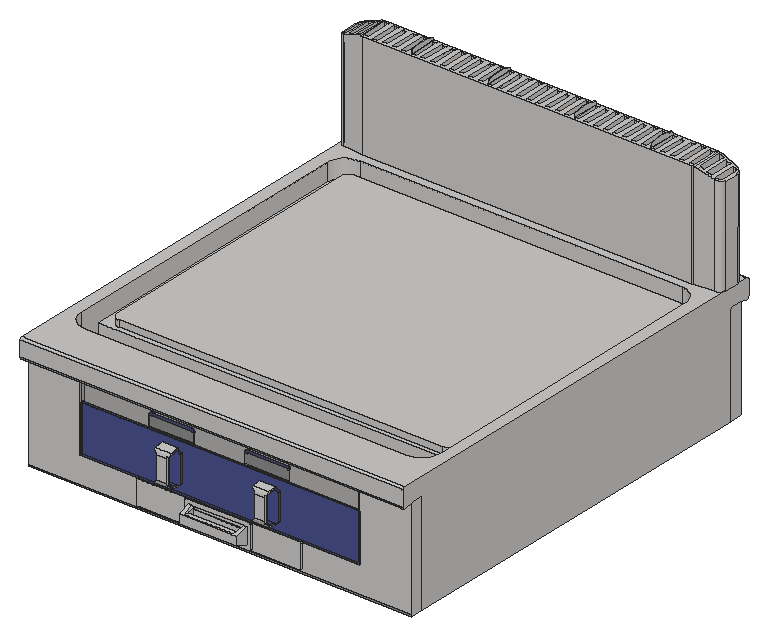
Revit family "QF_ELECTROLUXPROFESSIONAL_593318_MCHMAADOVO", category Specialty Equipment, Revit 2018
Family settings
  Round Connector Dimension = Use Diameter
  Part Type = Normal
  Work Plane-Based = No
  Always vertical = Yes
  Cut with Voids When Loaded = No
  Shared = No
  Room Calculation Point = No
Parameters (values of type "Standard")
  Weight = 69.00 kg
  Watts = 0 W
  Volts = 0 V
  URL Manufacturer = "http://professional.electrolux.com"
  URL = "http://professional.electrolux.com"
  Steam Supply Size = 0"
  Steam Supply Minimum Pressure = 0.00 psi
  Steam Supply Maximum Pressure = 0.00 psi
  Steam Pounds per Hour = 0
  Show Clearance [instance] = yes
  Refrigeration Suction Line Size = 0 mm
  Refrigeration Liquid Line Size = 0 mm
  Refrigerant Compressor Remote = yes
  Phase = 0
  Model = "MCHMAADOVO"
  Manufacturer = "Electrolux Professional"
  Length Actual = 400 mm  # constant formula
  Item Number = "593318"
  Hot Water Size = 0"
  Height Actual = 250 mm  # constant formula
  HP = "0 HP"
  Gas Size = 1/2"
  Gas KW = 10
  Gas Input Pressure = 0.817856 Btu/h
  Direct Waste Size = 0"
  Description = "GAS FRYTOP,SMT,TOWNGAS,1Z,400X900X250"
  Depth Actual = 900 mm  # constant formula
  Cycle = 0 Hz
  Condensate Return Size = 0"
  Compressed Air Volume = 0 GPM
  Compressed Air Size = 0"
  Compressed Air Pressure = 0.00 psi
  Cold Water Size = 0"
  Back Panel [instance] = yes
  Accessory = yes
Reference planes
  plane 1 "BACK": y = 0
  plane 2: z = 0
  plane 3 "LEFT": x = 0
  plane 4 "RIGHT": x = 800
  plane 5 "FRONT": y = -900
  plane 6 "TOP": z = 250
  plane 7: x = 400
  plane 8: y = -450
  plane 9: z = 481
  plane 10: y = -1330
Forms (mm)
  Extrusion 1, solid, material "QF_Finishes_Stainless Steel"
    sketch origin (0, -487.128, 0) x (0, 1, 0) y (0, 0, 1)
      loop
        line (483.128, 250) -> (-408.872, 250)
        arc (-408.872, 250) -> (-411.7, 248.828) -> (-412.872, 246) r 4
        line (-412.872, 246) -> (-412.872, 214)
        arc (-412.872, 214) -> (-411.443, 210.936) -> (-408.177, 210.061) r 4
        line (-408.177, 210.061) -> (-391.509, 213) -> (-366.872, 213) -> (-366.872, 0) -> (441.128, 0) -> (441.128, 213) -> (465.765, 213) -> (482.433, 210.061)
        arc (482.433, 210.061) -> (485.699, 210.936) -> (487.128, 214) r 4
        line (487.128, 214) -> (487.128, 246)
        arc (487.128, 246) -> (485.956, 248.828) -> (483.128, 250) r 4
    from 0 to 800
  Extrusion 2, solid, material "QF_Finishes_Stainless Steel", visible <- "Back Panel"
    sketch origin (0, 0, 0) x (0, 1, 0) y (0, 0, 1)
      loop
        line (-46, 0) -> (-20, 0) -> (-20, 213) -> (-46, 213) -> (-46, 0)
    from 0 to 800
  Extrusion 3, void
    sketch origin (653.786, 44.048, 250) x (1, 0, 0) y (0, -1, 0)
      loop
        line (-590.636, 138.048) -> (83.064, 138.048)
        arc (83.064, 138.048) -> (110.04, 149.222) -> (121.214, 176.198) r 38.15
        line (121.214, 176.198) -> (121.214, 816.572)
        arc (121.214, 816.572) -> (109.944, 843.779) -> (82.737, 855.048) r 38.476
        line (82.737, 855.048) -> (-591.786, 855.048)
        arc (-591.786, 855.048) -> (-617.949, 844.211) -> (-628.786, 818.048) r 37
        line (-628.786, 818.048) -> (-628.786, 176.198)
        arc (-628.786, 176.198) -> (-617.613, 149.222) -> (-590.636, 138.048) r 38.15
    from 0 to 37
  Extrusion 4, void
    sketch origin (1307.573, 92.096, 213) x (0, 1, 0) y (1, 0, 0)
      loop
        line (-821.846, -532.573) -> (-864.62, -532.573)
        arc (-864.62, -532.573) -> (-891.827, -543.842) -> (-903.096, -571.049) r 38.476
        line (-903.096, -571.049) -> (-903.096, -1245.573)
        arc (-903.096, -1245.573) -> (-892.259, -1271.736) -> (-866.096, -1282.573) r 37
        line (-866.096, -1282.573) -> (-821.846, -1282.573) -> (-821.846, -532.573)
    from 0 to 25.6
  Extrusion 5, void
    sketch origin (1612.573, 92.096, 187.4) x (-1, 0, 0) y (0, 1, 0)
      loop
        circle (1212.573, -862.096) r 22.248
    from 0 to 92
  Extrusion 6, solid, material "QF_Finishes_Stainless Steel"
    sketch origin (0, -854, 0) x (1, 0, 0) y (0, -1, 0)
      loop
        circle (765, -264) r 6.35
    from 0 to 3.2
  Extrusion 7, solid, material "QF_Door-Drawer Clearances", visible <- "Show Clearance", detail levels coarse
    sketch origin (437.31, -881.593, 8.62) x (0, 0, 1) y (-1, 0, 0)
      loop
        line (1.973, -134.295) -> (49.317, -134.295)
        arc (49.317, -134.295) -> (50.776, -133.691) -> (51.38, -132.232) r 2.063
        line (51.38, -132.232) -> (51.38, 206.852)
        arc (51.38, 206.852) -> (50.88, 208.549) -> (49.541, 209.705) r 3.133
        line (49.541, 209.705) -> (3.067, 209.705)
        arc (3.067, 209.705) -> (0.898, 208.807) -> (0, 206.638) r 3.067
        line (0, 206.638) -> (0, -132.322)
        arc (0, -132.322) -> (0.578, -133.717) -> (1.973, -134.295) r 1.973
    from 0 to 448.407
  Extrusion 8, solid, material "QF_Finishes_Stainless Steel"
    sketch origin (653.786, 44.048, 213) x (1, 0, 0) y (0, 1, 0)
      loop
        line (-608.786, -166.361) -> (-608.786, -745.485)
        arc (-608.786, -745.485) -> (-603.47, -758.319) -> (-590.636, -763.635) r 18.15
        line (-590.636, -763.635) -> (83.064, -763.635)
        arc (83.064, -763.635) -> (95.898, -758.319) -> (101.214, -745.485) r 18.15
        line (101.214, -745.485) -> (101.214, -166.361)
        arc (101.214, -166.361) -> (95.898, -153.527) -> (83.064, -148.211) r 18.15
        line (83.064, -148.211) -> (-590.636, -148.211)
        arc (-590.636, -148.211) -> (-603.47, -153.527) -> (-608.786, -166.361) r 18.15
    from 0 to 13.3
  Extrusion 9, solid, material "QF_Clearances", visible <- "Show Clearance", detail levels coarse
    sketch origin (-178.969, -4572, 0) x (-1, 0, 0) y (0, -1, 0)
      loop
        line (-78.969, -3672) -> (-178.969, -3672) -> (-178.969, -4572) -> (-978.969, -4572) -> (-978.969, -3672) -> (-1078.969, -3672) -> (-1078.969, -4672) -> (-78.969, -4672) -> (-78.969, -3672)
    from 0 to 250
Cuts and joins
  Extrusion 3, Extrusion 4, Extrusion 5 cuts Extrusion 1
Lines and regions (mm)
  symbolic lines
    curve 1: line (493.666, -902.326, 0) -> (493.666, -900, 0)
    curve 2: spline (499.334, -903.73, 0) -> (498.856, -903.657, 0) -> (498.378, -903.575, 0) -> (497.901, -903.486, 0) -> (497.425, -903.389, 0) -> (496.95, -903.283, 0) -> (496.476, -903.17, 0) -> (496.004, -903.049, 0) -> (495.533, -902.92, 0) -> (495.064, -902.783, 0) -> (494.596, -902.638, 0) -> (494.13, -902.486, 0) -> (493.666, -902.326, 0)
    curve 3: line (525.881, -902.326, 0) -> (525.881, -900, 0)
    curve 4: spline (525.881, -902.326, 0) -> (525.417, -902.486, 0) -> (524.951, -902.638, 0) -> (524.483, -902.783, 0) -> (524.014, -902.92, 0) -> (523.543, -903.049, 0) -> (523.071, -903.17, 0) -> (522.597, -903.283, 0) -> (522.122, -903.389, 0) -> (521.646, -903.486, 0) -> (521.169, -903.575, 0) -> (520.691, -903.657, 0) -> (520.213, -903.73, 0)
    curve 5: line (499.334, -903.73, 0) -> (520.213, -903.73, 0)
    curve 6: line (25, -774, 0) -> (25, -132.15, 0)
    curve 7: arc (25, -132.15, 0) -> (36.174, -105.174, 0) -> (63.15, -94, 0) r 38.15
    curve 8: line (63.15, -94, 0) -> (736.85, -94, 0)
    curve 9: arc (736.85, -94, 0) -> (763.826, -105.174, 0) -> (775, -132.15, 0) r 38.15
    curve 10: line (775, -132.15, 0) -> (775, -772.524, 0)
    curve 11: arc (775, -772.524, 0) -> (763.731, -799.731, 0) -> (736.524, -811, 0) r 38.476
    curve 12: line (736.524, -811, 0) -> (62, -811, 0)
    curve 13: arc (62, -811, 0) -> (35.837, -800.163, 0) -> (25, -774, 0) r 37
    curve 14: line (775, -729.75, 0) -> (25, -729.75, 0)
    curve 15: circle (400, -770, 0) r 22.248 normal (0, 0, -1)
    curve 16: line (0, 0, 0) -> (800, 0, 0)
    curve 17: line (0, -900, 0) -> (0, 0, 0)
    curve 18: line (800, -900, 0) -> (0, -900, 0)
    curve 19: line (800, 0, 0) -> (800, -900, 0)
    curve 20: line (347.608, -908.767, 0) -> (450.042, -908.767, 0)
    curve 21: line (450.042, -908.767, 0) -> (451.588, -900, 0)
    curve 22: line (347.608, -908.767, 0) -> (346.062, -900, 0)
  symbolic lines, style "QF_Door-Drawer Clearances"
    curve 23: line (227.605, -1330, 0) -> (227.605, -900, 0)
    curve 24: line (227.605, -1330, 0) -> (571.605, -1330, 0)
    curve 25: line (571.605, -1330, 0) -> (571.605, -900, 0)
  symbolic lines, style "SpecialityEquipment"
    curve 26: line (755, -701.437, 0) -> (755, -122.313, 0)
    curve 27: arc (755, -122.313, 0) -> (749.684, -109.479, 0) -> (736.85, -104.163, 0) r 18.15
    curve 28: line (736.85, -104.163, 0) -> (63.15, -104.163, 0)
    curve 29: arc (63.15, -104.163, 0) -> (50.316, -109.479, 0) -> (45, -122.313, 0) r 18.15
    curve 30: line (45, -122.313, 0) -> (45, -701.437, 0)
    curve 31: arc (45, -701.437, 0) -> (50.316, -714.271, 0) -> (63.15, -719.587, 0) r 18.15
    curve 32: line (63.15, -719.587, 0) -> (736.85, -719.587, 0)
    curve 33: arc (736.85, -719.587, 0) -> (749.684, -714.271, 0) -> (755, -701.437, 0) r 18.15
  symbolic lines, style "QF_Clearances", visible <- "Show Clearance", detail levels coarse
    curve 34: line (-100, 100, 0) -> (-100, -900, 0)
    curve 35: line (900, 100, 0) -> (-100, 100, 0)
    curve 36: line (900, -900, 0) -> (900, 100, 0)
Dimensions and locks
  plane 3 "LEFT" to plane 4 "RIGHT" = 800 mm
  plane 5 "FRONT" to plane 1 "BACK" = 900 mm
  equal spacing: plane 3 "LEFT", plane 7, plane 4 "RIGHT"
  equal spacing: plane 5 "FRONT", plane 8, plane 1 "BACK"
  plane 6 "TOP" to level = 250 mm  (x2)
  plane 1 "BACK" to plane 5 "FRONT" = 900 mm
  Extrusion 6 sketch curve to plane 1 "BACK" = 590 mm
  Extrusion 6 sketch curve to plane 4 "RIGHT" = 35 mm
  plane 5 "FRONT" to plane 10 = 430 mm
  plane 9 to plane 6 "TOP" = 231 mm
  plane 9 to level = 481 mm
  Extrusion 9 to plane 3 "LEFT" = 100 mm
  plane 4 "RIGHT" to Extrusion 9 = 100 mm
  plane 1 "BACK" to Extrusion 9 = 100 mm
  radius of Extrusion 8 sketch curve = 18.15 mm  (x4)
  aligned and locked: level to plane 2
  aligned and locked: Extrusion 7 to plane 10
  aligned and locked: plane 6 "TOP" to Extrusion 9
  aligned and locked: cut or joined group of Extrusion 1, Extrusion 3, Extrusion 4, Extrusion 5 to plane 4 "RIGHT"
  aligned and locked: Extrusion 2 to plane 4 "RIGHT"
  aligned and locked: plane 7 to nested 1
  aligned and locked: plane 7 to nested 2
Automatic sketch dimensions
  Extrusion 2 sketch curve to Extrusion 2 sketch curve = 26 mm
  plane 1 "BACK" to Extrusion 2 sketch curve = 20 mm
  Extrusion 1 to Extrusion 3 sketch curve = 90 mm
  Extrusion 1 to Extrusion 3 sketch curve = 122 mm
  Extrusion 1 to Extrusion 3 sketch curve = 25 mm
  Extrusion 3 sketch curve to Extrusion 3 sketch curve = 38.15 mm  (x2)
  Extrusion 1 to Extrusion 3 sketch curve = 123.476 mm
  Extrusion 1 to Extrusion 3 sketch curve = 85 mm
  Extrusion 3 sketch curve to Extrusion 3 sketch curve = 674.524 mm
  Extrusion 1 sketch curve to plane 5 "FRONT" = 0 mm
  Extrusion 1 sketch curve to plane 6 "TOP" = 0 mm
  Extrusion 1 sketch curve to level = 0 mm
  Extrusion 1 sketch curve to plane 1 "BACK" = 0 mm
  Extrusion 1 sketch curve to plane 6 "TOP" = 37 mm  (x2)
  Extrusion 1 sketch curve to plane 5 "FRONT" = 4 mm
  Extrusion 1 sketch curve to plane 5 "FRONT" = 21.363 mm
  Extrusion 1 sketch curve to plane 5 "FRONT" = 46 mm
  plane 1 "BACK" to Extrusion 1 sketch curve = 21.363 mm
  plane 1 "BACK" to Extrusion 1 sketch curve = 4 mm  (x2)
  Extrusion 1 sketch curve to Extrusion 1 sketch curve = 4 mm
  Extrusion 1 sketch curve to Extrusion 1 sketch curve = 0.695 mm
  Extrusion 1 sketch curve to Extrusion 1 sketch curve = 0 mm  (x4)
  plane 1 "BACK" to Extrusion 1 sketch curve = 4.695 mm
  Extrusion 1 sketch curve to Extrusion 1 sketch curve = 1 mm  (x2)
  plane 1 "BACK" to Extrusion 1 sketch curve = 46 mm
  Extrusion 4 sketch curve to Extrusion 3 = 81.25 mm
  Extrusion 3 to Extrusion 4 sketch curve = 0 mm  (x2)
  Extrusion 4 sketch curve to Extrusion 4 sketch curve = 37 mm
  Extrusion 4 sketch curve to Extrusion 4 sketch curve = 674.524 mm
  Extrusion 4 sketch curve to Extrusion 3 = 38.476 mm
  Extrusion 5 sketch curve to Extrusion 4 = 41 mm
  Extrusion 5 sketch curve to Extrusion 4 = 375 mm
  plane 1 "BACK" to curve 16 = 0 mm
  curve 16 to plane 4 "RIGHT" = 0 mm
  curve 23 to plane 10 = 0 mm
  curve 17 to plane 3 "LEFT" = 0 mm
  plane 5 "FRONT" to curve 25 = 0 mm
  plane 4 "RIGHT" to curve 10 = 25 mm
  curve 10 to curve 8 = 38.15 mm
  curve 11 to curve 12 = 38.476 mm
  plane 5 "FRONT" to curve 21 = 8.767 mm
  plane 5 "FRONT" to curve 3 = 2.326 mm
  plane 7 to curve 3 = 125.881 mm
  plane 5 "FRONT" to curve 5 = 3.73 mm
  curve 3 to curve 5 = 5.669 mm
  curve 5 to curve 22 = 172.605 mm
  curve 5 to curve 20 = 151.727 mm
  plane 5 "FRONT" to curve 1 = 2.326 mm
  curve 2 to curve 1 = 5.669 mm
  plane 3 "LEFT" to curve 8 = 63.15 mm
  plane 3 "LEFT" to curve 12 = 62 mm
  plane 3 "LEFT" to curve 23 = 227.605 mm
  plane 3 "LEFT" to curve 6 = 25 mm
  plane 4 "RIGHT" to curve 25 = 228.395 mm
  plane 5 "FRONT" to curve 4 = 4.032 mm
  curve 5 to curve 4 = 4.17 mm
  curve 4 to curve 22 = 169.98 mm
  curve 4 to curve 2 = 12.538 mm
  curve 15 to curve 13 = 338 mm
  plane 1 "BACK" to curve 8 = 94 mm
  curve 10 to plane 5 "FRONT" = 127.476 mm
  curve 14 to curve 13 = 44.25 mm
  curve 15 to curve 13 = 4 mm
  curve 2 to curve 4 = 0 mm
  Extrusion 8 sketch curve to Extrusion 3 = 20 mm
  Extrusion 8 sketch curve to Extrusion 3 = 91.413 mm
  Extrusion 8 sketch curve to Extrusion 3 = 38.15 mm
  Extrusion 8 sketch curve to Extrusion 3 = 28.313 mm
  plane 4 "RIGHT" to curve 26 = 45 mm
  plane 3 "LEFT" to curve 28 = 63.15 mm
  plane 1 "BACK" to curve 28 = 104.163 mm
  curve 28 to curve 8 = 0 mm
  curve 33 to curve 32 = 18.15 mm
  curve 32 to curve 14 = 38.15 mm
  curve 29 to curve 30 = 18.15 mm
  curve 30 to curve 14 = 28.313 mm
  plane 7 to curve 21 = 50.042 mm
  curve 21 to curve 20 = 1.546 mm
  plane 1 "BACK" to Extrusion 9 sketch curve = 0 mm
  plane 5 "FRONT" to Extrusion 9 sketch curve = 0 mm  (x2)
  Extrusion 9 sketch curve to plane 4 "RIGHT" = 100 mm
  Extrusion 9 sketch curve to plane 1 "BACK" = 100 mm
  Extrusion 9 sketch curve to plane 3 "LEFT" = 100 mm
  Extrusion 9 sketch curve to plane 3 "LEFT" = 0 mm
  Extrusion 9 sketch curve to plane 4 "RIGHT" = 0 mm
  curve 34 to plane 3 "LEFT" = 100 mm
  curve 34 to plane 1 "BACK" = 100 mm
  plane 5 "FRONT" to curve 34 = 0 mm
  curve 35 to plane 4 "RIGHT" = 100 mm
  plane 5 "FRONT" to curve 36 = 0 mm
  level to Extrusion 7 sketch curve = 8.62 mm
  level to Extrusion 7 sketch curve = 57.937 mm
  plane 7 to Extrusion 7 sketch curve = 171.605 mm
  Extrusion 7 sketch curve to Extrusion 7 sketch curve = 1.973 mm
  Extrusion 7 sketch curve to Extrusion 7 sketch curve = 3.067 mm
  Extrusion 7 sketch curve to Extrusion 7 sketch curve = 46.474 mm
  Extrusion 7 sketch curve to Extrusion 7 sketch curve = 2.063 mm
  Extrusion 7 sketch curve to Extrusion 7 sketch curve = 3.133 mm
  Extrusion 7 sketch curve to plane 7 = 169.328 mm
  Extrusion 2 sketch curve to level = 0 mm
  Extrusion 2 sketch curve to plane 6 "TOP" = 37 mm
  radius of Extrusion 5 sketch curve = 22.248 mm
  radius of Extrusion 6 sketch curve = 6.35 mm
  radius of curve 15 = 22.248 mm
Nested families
  nested 1: "GG_900_800 Front Panel with Center Grease Trap" at (0, -854, -650), type "GG_900_800 Front Panel with Center Grease Trap"
  nested 2: "GG_900_Backsplash for 800 fryer" at (388.888, -5, -635.571), type "GG_900_Backsplash for 800 fryer"
Connectors
  piping at (765, -590, -3.2), diameter 12.8
    settings: on Extrusion 6, index 1, connector inside diameter 0.50394", connector length 0 mm, flow factor 0, pipe flow 0 GPM, pressure drop 0.00 psi, fitting loss kfactor 0, connector angle 0.00°, fixture units 0, engagement length 0 mm, angle of deflection 0.00°, flow configuration 1, flow direction 1, fitting loss method 0, system type 7, joint type 0, gender type 0, connector reference index -1, connector utility 0, adjustable connector no, is connector primary yes, connector description "GAS CONNECTION"
Definition of nested family "GG_900_800 Front Panel with Center Grease Trap"
  Reference planes
    plane 1 "Center (Front/Back)": y = 0
    plane 2: z = 0
    plane 3 "Center (Left/Right)": x = 0
    plane 4: y = -26.492
    plane 5: x = 400
    plane 6: x = 522.091
    plane 7: x = 319.468
  Forms (mm)
    Extrusion 1, solid
      sketch origin (1033.217, 829.203, -1.25) x (0, 1, 0) y (0, 0, 1)
        loop
          arc (-854.203, 654.25) -> (-853.324, 652.129) -> (-851.203, 651.25) r 3
          line (-851.203, 651.25) -> (-829.203, 651.25) -> (-829.203, 864.25) -> (-854.203, 864.25) -> (-854.203, 654.25)
      from -1033.217 to -233.217
    Extrusion 2, void
      sketch origin (1033.217, 829.203, -1.25) x (1, 0, 0) y (0, 0, 1)
        loop
          line (-341.217, 853.25) -> (-925.217, 853.25) -> (-925.217, 711.25) -> (-341.217, 711.25) -> (-341.217, 853.25)
      from 843.409 to 854.203
  Cuts and joins
    Extrusion 2 cuts Extrusion 1
  Dimensions and locks
    cut or joined group of Extrusion 1, Extrusion 2 to cut or joined group of Extrusion 1, Extrusion 2 = 108 mm
    nested 2 to plane 3 "Center (Left/Right)" = 108 mm
    nested 2 to plane 3 "Center (Left/Right)" = 252.97 mm
    cut or joined group of Extrusion 1, Extrusion 2 to nested 2 = 253.275 mm
    cut or joined group of Extrusion 1, Extrusion 2 to nested 4 = 297.909 mm
    nested 3 to plane 3 "Center (Left/Right)" = 298.218 mm
    aligned and locked: nested 1 to nested 2
  Nested families
    nested 1: "grease trap door" at (467.599, -25, 0.608) x (-1, 0, 0) z (0, 0, 1), type "grease trap door"
    nested 2: "Long Glass Control Panel w-Two Reads" at (108, -25, 5.811), type "Long Glass Control Panel w-Two Reads"
    nested 3: "Range Control Handle" at (298.218, -28.137, -207.75), type "Range Control Handle"
    nested 4: "Range Control Handle" at (502.091, -28.137, -207.75), type "Range Control Handle"
  Definition of nested family "grease trap door"
    Reference planes
      plane 1 "Center (Front/Back)": y = 0
      plane 2: z = 0
      plane 3 "Center (Left/Right)": x = 0
    Forms (mm)
      Extrusion 1, solid
        sketch origin (1627.55, 854.203, -1.25) x (1, 0, 0) y (0, 0, 1)
          loop
            arc (-1627.55, 661.235) -> (-1626.972, 659.84) -> (-1625.577, 659.262) r 1.973
            line (-1625.577, 659.262) -> (-1494.325, 659.262)
            arc (-1494.325, 659.262) -> (-1492.156, 660.16) -> (-1491.258, 662.329) r 3.067
            line (-1491.258, 662.329) -> (-1491.258, 708.803)
            arc (-1491.258, 708.803) -> (-1492.414, 710.143) -> (-1494.111, 710.642) r 3.133
            line (-1494.111, 710.642) -> (-1625.486, 710.642)
            arc (-1625.486, 710.642) -> (-1626.945, 710.038) -> (-1627.55, 708.579) r 2.063
            line (-1627.55, 708.579) -> (-1627.55, 661.235)
        from 856.795 to 859.203
      Extrusion 2, solid
        sketch origin (445.874, 2476.61, 0) x (0, 1, 0) y (0, 0, 1)
          loop
            line (-2506.377, 675.273) -> (-2481.61, 667.505) -> (-2481.61, 700.995) -> (-2506.377, 693.227) -> (-2506.377, 675.273)
        from -437.68 to -317.68
      Extrusion 3, void
        sketch origin (1627.55, 854.203, -1.25) x (1, 0, 0) y (0, 0, 1)
          loop
            line (-1614.883, 703) -> (-1610.542, 695.433) -> (-1508.17, 695.433) -> (-1503.828, 703) -> (-1614.883, 703)
          loop
            line (-1614.883, 668) -> (-1502.669, 668) -> (-1507.01, 675.567) -> (-1610.542, 675.567) -> (-1614.883, 668)
        from 832.916 to 883.97
      Extrusion 4, void
        sketch origin (447.55, 854.203, -1.25) x (1, 0, 0) y (0, 0, 1)
          loop
            line (-430.542, 695.433) -> (-430.542, 675.567) -> (-328.17, 675.567) -> (-328.17, 695.433) -> (-430.542, 695.433)
        from 859.203 to 874.202
      Extrusion 5, solid
        sketch origin (1627.55, 854.203, -1.25) x (1, 0, 0) y (0, 0, 1)
          loop
            arc (-1731.556, 661.235) -> (-1730.978, 659.84) -> (-1729.583, 659.262) r 1.973
            line (-1729.583, 659.262) -> (-1390.623, 659.262)
            arc (-1390.623, 659.262) -> (-1388.454, 660.16) -> (-1387.556, 662.329) r 3.067
            line (-1387.556, 662.329) -> (-1387.556, 708.803)
            arc (-1387.556, 708.803) -> (-1388.712, 710.143) -> (-1390.409, 710.642) r 3.133
            line (-1390.409, 710.642) -> (-1729.493, 710.642)
            arc (-1729.493, 710.642) -> (-1730.952, 710.038) -> (-1731.556, 708.579) r 2.063
            line (-1731.556, 708.579) -> (-1731.556, 661.235)
        from 854.203 to 856.795
    Cuts and joins
      Extrusion 3 cuts Extrusion 1
      Extrusion 3, Extrusion 4 cuts Extrusion 2
      joined: Extrusion 1, Extrusion 2
    Lines and regions (mm)
      symbolic lines
        curve 1: line (0, -2.593, 0) -> (136.292, -2.593, 0)
        curve 2: line (17.557, -29.767, 0) -> (12.667, -2.593, 0)
        curve 3: line (17.557, -29.767, 0) -> (119.991, -29.767, 0)
        curve 4: line (119.991, -29.767, 0) -> (124.881, -2.593, 0)
        curve 5: line (68.146, -2.593, 0) -> (68.146, -29.767, 0)
      model lines
        curve 6: line (67.599, 0, 658.012) -> (67.599, 0, 709.392)
    Dimensions and locks
      aligned and locked: Extrusion 2 to Extrusion 1
      aligned and locked: Extrusion 3 to Extrusion 2
      aligned and locked: Extrusion 4 to Extrusion 1
  Definition of nested family "Long Glass Control Panel w-Two Reads"
    Reference planes
      plane 1 "Center (Front/Back)": y = 0
      plane 2: z = 0
      plane 3 "Center (Left/Right)": x = 0
      plane 4: x = 584
      plane 5: x = 581.091
      plane 6: x = 350
      plane 7: x = 233.749
      plane 8 "Top": z = 846.189
      plane 9 "Center": x = 292
    Forms (mm)
      Extrusion 1, solid
        sketch origin (550.286, 304.8, -4.308) x (1, 0, 0) y (0, 0, 1)
          loop
            line (-550.286, 806.791) -> (-550.286, 708.497) -> (33.714, 708.497) -> (33.714, 806.791) -> (-550.286, 806.791)
        from 300.031 to 304.8
      Extrusion 2, solid
        sketch origin (550.286, 304.8, -4.308) x (1, 0, 0) y (0, 0, 1)
          loop
            line (-550.286, 850.497) -> (-550.286, 806.791) -> (33.714, 806.791) -> (33.714, 850.497) -> (-550.286, 850.497)
        from 300.031 to 304.8
      Extrusion 3, solid
        sketch origin (550.286, 305.901, -4.308) x (1, 0, 0) y (0, 0, 1)
          loop
            line (-311.561, 812.62) -> (-311.561, 834.177) -> (-316.37, 834.177) -> (-318.169, 835.977) -> (-398.599, 835.977) -> (-400.399, 834.177) -> (-405.316, 834.177) -> (-405.316, 812.62) -> (-311.561, 812.62)
          loop
            line (-111.561, 812.62) -> (-111.561, 834.177) -> (-116.37, 834.177) -> (-118.169, 835.977) -> (-198.599, 835.977) -> (-200.399, 834.177) -> (-205.316, 834.177) -> (-205.316, 812.62) -> (-111.561, 812.62)
        from 304.798 to 306.745
      Extrusion 4, solid
        sketch origin (550.286, 305.901, -4.308) x (1, 0, 0) y (0, 0, 1)
          loop
            line (-318.121, 835.977) -> (-316.321, 834.177) -> (-311.611, 834.177)
            arc (-311.611, 834.177) -> (-312.787, 838.752) -> (-317.062, 840.763) r 5.549
            line (-317.062, 840.763) -> (-399.768, 840.763)
            arc (-399.768, 840.763) -> (-404.024, 838.747) -> (-405.16, 834.177) r 5.5
            line (-405.16, 834.177) -> (-400.351, 834.177) -> (-398.551, 835.977) -> (-318.121, 835.977)
          loop
            line (-200.222, 834.177) -> (-198.422, 835.977) -> (-117.993, 835.977) -> (-116.193, 834.177) -> (-111.482, 834.177)
            arc (-111.482, 834.177) -> (-112.659, 838.752) -> (-116.934, 840.763) r 5.549
            line (-116.934, 840.763) -> (-199.639, 840.763)
            arc (-199.639, 840.763) -> (-203.895, 838.747) -> (-205.031, 834.177) r 5.5
            line (-205.031, 834.177) -> (-200.222, 834.177)
        from 304.798 to 306.745
      Extrusion 5, void
        sketch origin (550.286, 304.8, -4.308) x (1, 0, 0) y (0, 0, 1)
          loop
            line (-547.628, 847.565) -> (-547.628, 710.699) -> (30.804, 710.699) -> (30.804, 847.565) -> (-547.628, 847.565)
        from 303.697 to 304.8
    Cuts and joins
      Extrusion 5 cuts Extrusion 1
      Extrusion 5 cuts Extrusion 2
      Extrusion 5 cuts Extrusion 3
      Extrusion 5 cuts Extrusion 4
    Lines and regions (mm)
      symbolic lines
        curve 1: line (0, 4.769, 0) -> (584, 4.769, 0)
    Dimensions and locks
      plane 4 to plane 3 "Center (Left/Right)" = 584 mm
      locked: plane 4 to plane 5 at 2.909
      plane 4 to plane 6 = 234 mm
      plane 7 to plane 3 "Center (Left/Right)" = 233.749 mm
      aligned and locked: Extrusion 1 to Extrusion 2
      aligned and locked: Extrusion 3 to Extrusion 4
  Definition of nested family "Range Control Handle"
    Reference planes
      plane 1 "Center (Front/Back)": y = 0
      plane 2: z = 0
      plane 3 "Center (Left/Right)": x = 0
      plane 4: z = 971.092
    Forms (mm)
      Extrusion 1, solid
        sketch origin (-746.28, 380.497, 208.931) x (-1, 0, 0) y (0, 0, 1)
          loop
            line (-770.101, 786.798) -> (-770.101, 731.649)
            arc (-770.101, 731.649) -> (-769.759, 730.563) -> (-768.855, 729.87) r 1.893
            line (-768.855, 729.87) -> (-763.474, 727.911) -> (-729.81, 727.911) -> (-724.428, 729.87)
            arc (-724.428, 729.87) -> (-723.525, 730.563) -> (-723.183, 731.649) r 1.893
            line (-723.183, 731.649) -> (-723.183, 786.798)
            arc (-723.183, 786.798) -> (-723.529, 787.894) -> (-724.44, 788.593) r 1.91
            line (-724.44, 788.593) -> (-729.683, 790.819) -> (-763.601, 790.819) -> (-768.844, 788.593)
            arc (-768.844, 788.593) -> (-769.755, 787.894) -> (-770.101, 786.798) r 1.91
        from -382.35 to -378.852
      Sweep 2, solid
        path origin (-746.788, 380.496, 208.091) x (0, -1, 0) y (0, 0, 1)
          loop
            line (379.775, 793.281) -> (395.661, 791.048)
            arc (395.661, 791.048) -> (397.781, 787.377) -> (398.517, 783.202) r 12.207
            line (398.517, 783.202) -> (398.517, 737.368)
            arc (398.517, 737.368) -> (397.781, 733.193) -> (395.661, 729.522) r 12.207
            line (395.661, 729.522) -> (379.775, 727.289)
        profile origin (-746.788, -7.222, 1000.256) x (0, -0.139173, 0.990268) y (-1, 0, 0)
          loop
            line (0.782, -763.123) -> (0.782, -730.907) -> (-1.322, -730.907) -> (-1.322, -763.123) -> (0.782, -763.123)
      Sweep 3, solid
        path origin (-746.788, 380.715, 207.832) x (0, -1, 0) y (0, 0, 1)
          loop
            line (380.478, 795.442) -> (397.218, 793.09)
            arc (397.218, 793.09) -> (399.929, 788.473) -> (400.871, 783.202) r 15.207
            line (400.871, 783.202) -> (400.871, 737.584)
            arc (400.871, 737.584) -> (399.914, 732.274) -> (397.164, 727.633) r 15.207
            line (397.164, 727.633) -> (380.601, 725.305)
        profile origin (-746.788, -8.132, 1002.099) x (0, -0.139173, 0.990268) y (-1, 0, 0)
          loop
            line (0.782, -763.123) -> (0.782, -730.907) -> (-1.322, -730.907) -> (-1.322, -763.123) -> (0.782, -763.123)
      Extrusion 4, void
        sketch origin (889.253, 220.666, 207.993) x (1, 0, 0) y (0, 0, 1)
          loop
            line (-943.038, 816.854) -> (-943.038, 703.686) -> (-899.466, 734.196) -> (-899.466, 786.344) -> (-943.038, 816.854)
        from 230.636 to 242.25
      Extrusion 5, void
        sketch origin (-888.8, 220.666, 207.993) x (-1, 0, 0) y (0, 0, -1)
          loop
            line (-943.038, -816.854) -> (-899.466, -786.344) -> (-899.466, -734.196) -> (-943.038, -703.686) -> (-943.038, -816.854)
        from 230.636 to 242.25
      Extrusion 6, solid
        sketch origin (0, 0, 0) x (1, 0, 0) y (0, 0, 1)
          loop
            circle (0, 971.092) r 7.736
        from -3.137 to -1.645
    Cuts and joins
      Extrusion 4, Extrusion 5 cuts Sweep 3
      Extrusion 4, Extrusion 5 cuts Sweep 2
      joined: Extrusion 1, Extrusion 6
    Lines and regions (mm)
      symbolic lines
        curve 1: line (23.821, 1.645, 0) -> (-23.097, 1.645, 0)
        curve 2: line (16.334, -1.853, 0) -> (23.821, -1.853, 0)
        curve 3: line (-15.881, -19.189, 0) -> (-15.881, -1.853, 0)
        curve 4: line (-23.097, -1.853, 0) -> (-15.881, -1.853, 0)
        curve 5: line (16.334, -19.189, 0) -> (16.334, -1.853, 0)
        curve 6: spline (-15.881, -19.189, 0) -> (-15.417, -19.349, 0) -> (-14.951, -19.501, 0) -> (-14.483, -19.646, 0) -> (-14.014, -19.783, 0) -> (-13.543, -19.912, 0) -> (-13.071, -20.033, 0) -> (-12.597, -20.146, 0) -> (-12.122, -20.251, 0) -> (-11.646, -20.349, 0) -> (-11.169, -20.438, 0) -> (-10.691, -20.52, 0) -> (-10.213, -20.593, 0)
        curve 7: spline (10.666, -20.593, 0) -> (11.144, -20.52, 0) -> (11.622, -20.438, 0) -> (12.099, -20.349, 0) -> (12.575, -20.251, 0) -> (13.05, -20.146, 0) -> (13.524, -20.033, 0) -> (13.996, -19.912, 0) -> (14.467, -19.783, 0) -> (14.936, -19.646, 0) -> (15.404, -19.501, 0) -> (15.87, -19.349, 0) -> (16.334, -19.189, 0)
        curve 8: line (-10.213, -20.938, 0) -> (10.716, -20.938, 0)
        curve 9: line (-23.097, 1.645, 0) -> (-23.097, -1.853, 0)
        curve 10: line (23.821, 1.645, 0) -> (23.821, -1.853, 0)
Definition of nested family "GG_900_Backsplash for 800 fryer"
  Reference planes
    plane 1 "Center (Front/Back)": y = 0
    plane 2: z = 0
    plane 3 "Center (Left/Right)": x = 11.112
    plane 4: x = -388.888
    plane 5: x = 411.112
    plane 6: y = -37.994
  Forms (mm)
    Extrusion 1, solid
      sketch origin (3208.371, -22.924, -275.679) x (1, 0, 0) y (0, 0, 1)
        loop
          line (-3597.259, 1365.162) -> (-3597.259, 1161.25) -> (-2797.259, 1161.25) -> (-2797.259, 1364.934) -> (-2841.553, 1381.055)
          arc (-2841.553, 1381.055) -> (-2844.994, 1381.949) -> (-2848.536, 1382.25) r 21
          line (-2848.536, 1382.25) -> (-3546.608, 1382.25)
          arc (-3546.608, 1382.25) -> (-3550.146, 1381.95) -> (-3553.582, 1381.058) r 21
          line (-3553.582, 1381.058) -> (-3597.259, 1365.162)
      from -17.885 to 48.024
    Extrusion 2, void
      sketch origin (3108.387, -925.98, -226.348) x (1, 0, 0) y (0, 1, 0)
        loop
          line (-3444.887, 915.362) -> (-3444.887, 861.502) -> (-3434.887, 861.502) -> (-3434.887, 915.362) -> (-3444.887, 915.362)
      from 1111.919 to 1332.919
    Extrusion 3, void
      sketch origin (3789.012, -925.98, -226.348) x (1, 0, 0) y (0, 1, 0)
        loop
          line (-3444.887, 915.362) -> (-3444.887, 861.502) -> (-3434.887, 861.502) -> (-3434.887, 915.362) -> (-3444.887, 915.362)
      from 1111.919 to 1332.919
    Extrusion 4, void
      sketch origin (3128.405, -925.98, -226.348) x (1, 0, 0) y (0, 1, 0)
        loop
          line (-3444.887, 915.362) -> (-3444.887, 861.502) -> (-3434.887, 861.502) -> (-3434.887, 915.362) -> (-3444.887, 915.362)
      from 1111.919 to 1332.919
    Extrusion 5, void
      sketch origin (3148.424, -925.98, -226.348) x (1, 0, 0) y (0, 1, 0)
        loop
          line (-3444.887, 915.362) -> (-3444.887, 861.502) -> (-3434.887, 861.502) -> (-3434.887, 915.362) -> (-3444.887, 915.362)
      from 1111.919 to 1332.919
    Extrusion 6, void
      sketch origin (3168.442, -925.98, -226.348) x (1, 0, 0) y (0, 1, 0)
        loop
          line (-3444.887, 915.362) -> (-3444.887, 861.502) -> (-3434.887, 861.502) -> (-3434.887, 915.362) -> (-3444.887, 915.362)
      from 1111.919 to 1332.919
    Extrusion 7, void
      sketch origin (3188.46, -925.98, -226.348) x (1, 0, 0) y (0, 1, 0)
        loop
          line (-3444.887, 915.362) -> (-3444.887, 861.502) -> (-3434.887, 861.502) -> (-3434.887, 915.362) -> (-3444.887, 915.362)
      from 1111.919 to 1332.919
    Extrusion 8, void
      sketch origin (3208.479, -925.98, -226.348) x (1, 0, 0) y (0, 1, 0)
        loop
          line (-3444.887, 915.362) -> (-3444.887, 861.502) -> (-3434.887, 861.502) -> (-3434.887, 915.362) -> (-3444.887, 915.362)
      from 1111.919 to 1332.919
    Extrusion 9, void
      sketch origin (3228.497, -925.98, -226.348) x (1, 0, 0) y (0, 1, 0)
        loop
          line (-3444.887, 915.362) -> (-3444.887, 861.502) -> (-3434.887, 861.502) -> (-3434.887, 915.362) -> (-3444.887, 915.362)
      from 1111.919 to 1332.919
    Extrusion 10, void
      sketch origin (3248.516, -925.98, -226.348) x (1, 0, 0) y (0, 1, 0)
        loop
          line (-3444.887, 915.362) -> (-3444.887, 861.502) -> (-3434.887, 861.502) -> (-3434.887, 915.362) -> (-3444.887, 915.362)
      from 1111.919 to 1332.919
    Extrusion 11, void
      sketch origin (3268.534, -925.98, -226.348) x (1, 0, 0) y (0, 1, 0)
        loop
          line (-3444.887, 915.362) -> (-3444.887, 861.502) -> (-3434.887, 861.502) -> (-3434.887, 915.362) -> (-3444.887, 915.362)
      from 1111.919 to 1332.919
    Extrusion 12, void
      sketch origin (3288.552, -925.98, -226.348) x (1, 0, 0) y (0, 1, 0)
        loop
          line (-3444.887, 915.362) -> (-3444.887, 861.502) -> (-3434.887, 861.502) -> (-3434.887, 915.362) -> (-3444.887, 915.362)
      from 1111.919 to 1332.919
    Extrusion 13, void
      sketch origin (3308.571, -925.98, -226.348) x (1, 0, 0) y (0, 1, 0)
        loop
          line (-3444.887, 915.362) -> (-3444.887, 861.502) -> (-3434.887, 861.502) -> (-3434.887, 915.362) -> (-3444.887, 915.362)
      from 1111.919 to 1332.919
    Extrusion 14, void
      sketch origin (3328.589, -925.98, -226.348) x (1, 0, 0) y (0, 1, 0)
        loop
          line (-3444.887, 915.362) -> (-3444.887, 861.502) -> (-3434.887, 861.502) -> (-3434.887, 915.362) -> (-3444.887, 915.362)
      from 1111.919 to 1332.919
    Extrusion 15, void
      sketch origin (3348.607, -925.98, -226.348) x (1, 0, 0) y (0, 1, 0)
        loop
          line (-3444.887, 915.362) -> (-3444.887, 861.502) -> (-3434.887, 861.502) -> (-3434.887, 915.362) -> (-3444.887, 915.362)
      from 1111.919 to 1332.919
    Extrusion 16, void
      sketch origin (3368.626, -925.98, -226.348) x (1, 0, 0) y (0, 1, 0)
        loop
          line (-3444.887, 915.362) -> (-3444.887, 861.502) -> (-3434.887, 861.502) -> (-3434.887, 915.362) -> (-3444.887, 915.362)
      from 1111.919 to 1332.919
    Extrusion 17, void
      sketch origin (3388.644, -925.98, -226.348) x (1, 0, 0) y (0, 1, 0)
        loop
          line (-3444.887, 915.362) -> (-3444.887, 861.502) -> (-3434.887, 861.502) -> (-3434.887, 915.362) -> (-3444.887, 915.362)
      from 1111.919 to 1332.919
    Extrusion 18, void
      sketch origin (3408.663, -925.98, -226.348) x (1, 0, 0) y (0, 1, 0)
        loop
          line (-3444.887, 915.362) -> (-3444.887, 861.502) -> (-3434.887, 861.502) -> (-3434.887, 915.362) -> (-3444.887, 915.362)
      from 1111.919 to 1332.919
    Extrusion 19, void
      sketch origin (3428.681, -925.98, -226.348) x (1, 0, 0) y (0, 1, 0)
        loop
          line (-3444.887, 915.362) -> (-3444.887, 861.502) -> (-3434.887, 861.502) -> (-3434.887, 915.362) -> (-3444.887, 915.362)
      from 1111.919 to 1332.919
    Extrusion 20, void
      sketch origin (3448.699, -925.98, -226.348) x (1, 0, 0) y (0, 1, 0)
        loop
          line (-3444.887, 915.362) -> (-3444.887, 861.502) -> (-3434.887, 861.502) -> (-3434.887, 915.362) -> (-3444.887, 915.362)
      from 1111.919 to 1332.919
    Extrusion 21, void
      sketch origin (3468.718, -925.98, -226.348) x (1, 0, 0) y (0, 1, 0)
        loop
          line (-3444.887, 915.362) -> (-3444.887, 861.502) -> (-3434.887, 861.502) -> (-3434.887, 915.362) -> (-3444.887, 915.362)
      from 1111.919 to 1332.919
    Extrusion 22, void
      sketch origin (3488.736, -925.98, -226.348) x (1, 0, 0) y (0, 1, 0)
        loop
          line (-3444.887, 915.362) -> (-3444.887, 861.502) -> (-3434.887, 861.502) -> (-3434.887, 915.362) -> (-3444.887, 915.362)
      from 1111.919 to 1332.919
    Extrusion 23, void
      sketch origin (3508.755, -925.98, -226.348) x (1, 0, 0) y (0, 1, 0)
        loop
          line (-3444.887, 915.362) -> (-3444.887, 861.502) -> (-3434.887, 861.502) -> (-3434.887, 915.362) -> (-3444.887, 915.362)
      from 1111.919 to 1332.919
    Extrusion 24, void
      sketch origin (3528.773, -925.98, -226.348) x (1, 0, 0) y (0, 1, 0)
        loop
          line (-3444.887, 915.362) -> (-3444.887, 861.502) -> (-3434.887, 861.502) -> (-3434.887, 915.362) -> (-3444.887, 915.362)
      from 1111.919 to 1332.919
    Extrusion 25, void
      sketch origin (3548.791, -925.98, -226.348) x (1, 0, 0) y (0, 1, 0)
        loop
          line (-3444.887, 915.362) -> (-3444.887, 861.502) -> (-3434.887, 861.502) -> (-3434.887, 915.362) -> (-3444.887, 915.362)
      from 1111.919 to 1332.919
    Extrusion 26, void
      sketch origin (3568.81, -925.98, -226.348) x (1, 0, 0) y (0, 1, 0)
        loop
          line (-3444.887, 915.362) -> (-3444.887, 861.502) -> (-3434.887, 861.502) -> (-3434.887, 915.362) -> (-3444.887, 915.362)
      from 1111.919 to 1332.919
    Extrusion 27, void
      sketch origin (3588.828, -925.98, -226.348) x (1, 0, 0) y (0, 1, 0)
        loop
          line (-3444.887, 915.362) -> (-3444.887, 861.502) -> (-3434.887, 861.502) -> (-3434.887, 915.362) -> (-3444.887, 915.362)
      from 1111.919 to 1332.919
    Extrusion 28, void
      sketch origin (3608.846, -925.98, -226.348) x (1, 0, 0) y (0, 1, 0)
        loop
          line (-3444.887, 915.362) -> (-3444.887, 861.502) -> (-3434.887, 861.502) -> (-3434.887, 915.362) -> (-3444.887, 915.362)
      from 1111.919 to 1332.919
    Extrusion 29, void
      sketch origin (3628.865, -925.98, -226.348) x (1, 0, 0) y (0, 1, 0)
        loop
          line (-3444.887, 915.362) -> (-3444.887, 861.502) -> (-3434.887, 861.502) -> (-3434.887, 915.362) -> (-3444.887, 915.362)
      from 1111.919 to 1332.919
    Extrusion 30, void
      sketch origin (3648.883, -925.98, -226.348) x (1, 0, 0) y (0, 1, 0)
        loop
          line (-3444.887, 915.362) -> (-3444.887, 861.502) -> (-3434.887, 861.502) -> (-3434.887, 915.362) -> (-3444.887, 915.362)
      from 1111.919 to 1332.919
    Extrusion 31, void
      sketch origin (3668.902, -925.98, -226.348) x (1, 0, 0) y (0, 1, 0)
        loop
          line (-3444.887, 915.362) -> (-3444.887, 861.502) -> (-3434.887, 861.502) -> (-3434.887, 915.362) -> (-3444.887, 915.362)
      from 1111.919 to 1332.919
    Extrusion 32, void
      sketch origin (0, 0, 0) x (1, 0, 0) y (0, 1, 0)
        loop
          line (-373.021, -61.567) -> (-373.021, -14.408) -> (-377.678, -14.821)
          spline (-377.678, -14.821) -> (-378.371, -14.929) -> (-379.046, -15.126) -> (-379.692, -15.41) -> (-380.301, -15.777) -> (-380.864, -16.22) -> (-381.37, -16.734) -> (-381.814, -17.309) -> (-382.188, -17.939) -> (-382.486, -18.613) -> (-382.704, -19.32) -> (-382.839, -20.051) -> (-382.888, -20.793)
          line (-382.888, -20.793) -> (-382.888, -55.104)
          spline (-382.888, -55.104) -> (-382.855, -55.807) -> (-382.746, -56.501) -> (-382.562, -57.176) -> (-382.305, -57.825) -> (-381.98, -58.437) -> (-381.589, -59.005) -> (-381.14, -59.521) -> (-380.637, -59.978) -> (-380.087, -60.369) -> (-379.499, -60.69) -> (-378.879, -60.936) -> (-378.237, -61.104)
          line (-378.237, -61.104) -> (-373.021, -61.567)
        loop
          line (-367.195, -62.083) -> (-357.328, -62.958) -> (-357.328, -13.046) -> (-367.195, -13.892) -> (-367.195, -62.083)
        loop
          line (-351.502, -12.529) -> (-351.502, -63.476) -> (-341.546, -64.358) -> (-341.546, -11.645) -> (-351.502, -12.529)
        loop
          line (399.338, -14.802) -> (395.245, -14.439) -> (395.245, -61.567) -> (399.902, -61.184)
          spline (399.902, -61.184) -> (400.6, -61.075) -> (401.279, -60.875) -> (401.93, -60.588) -> (402.542, -60.217) -> (403.106, -59.768) -> (403.614, -59.248) -> (404.058, -58.666) -> (404.43, -58.029) -> (404.726, -57.349) -> (404.94, -56.634) -> (405.069, -55.897) -> (405.112, -55.149)
          line (405.112, -55.149) -> (405.112, -20.839)
          spline (405.112, -20.839) -> (405.061, -20.042) -> (404.913, -19.26) -> (404.668, -18.505) -> (404.333, -17.791) -> (403.912, -17.13) -> (403.412, -16.534) -> (402.844, -16.014) -> (402.215, -15.577) -> (401.539, -15.233) -> (400.825, -14.986) -> (400.087, -14.842) -> (399.338, -14.802)
        loop
          line (389.419, -13.922) -> (379.552, -13.046) -> (379.552, -62.989) -> (389.419, -62.113) -> (389.419, -13.922)
        loop
          line (363.77, -11.615) -> (363.77, -64.389) -> (373.726, -63.506) -> (373.726, -12.499) -> (363.77, -11.615)
      from 885.571 to 1106.571
    Extrusion 33, void
      sketch origin (5.432, 225.414, 0) x (1, 0, 0) y (0, 1, 0)
        loop
          spline (-382.452, -291.267) -> (-383.887, -291.038) -> (-385.284, -290.622) -> (-386.623, -290.026) -> (-387.883, -289.259) -> (-389.044, -288.332) -> (-390.088, -287.26) -> (-391.001, -286.059) -> (-391.767, -284.747) -> (-392.375, -283.345) -> (-392.817, -281.874) -> (-393.084, -280.356) -> (-393.174, -278.815)
          line (-393.174, -278.815) -> (-403.174, -278.815) -> (-403.174, -302.496) -> (-338.508, -302.496) -> (-338.508, -295.112) -> (-382.452, -291.267)
        loop
          line (-382.452, -235.548) -> (-338.508, -231.703) -> (-338.508, -224.32) -> (-403.174, -224.32) -> (-403.174, -248.001) -> (-393.174, -248.001)
          spline (-393.174, -248.001) -> (-393.084, -246.459) -> (-392.817, -244.941) -> (-392.375, -243.47) -> (-391.767, -242.068) -> (-391.001, -240.757) -> (-390.088, -239.556) -> (-389.044, -238.484) -> (-387.883, -237.557) -> (-386.623, -236.79) -> (-385.284, -236.194) -> (-383.887, -235.778) -> (-382.452, -235.548)
        loop
          line (393.082, -291.267) -> (349.139, -295.112) -> (349.139, -302.496) -> (413.805, -302.496) -> (413.805, -278.815) -> (403.805, -278.815)
          spline (403.805, -278.815) -> (403.715, -280.356) -> (403.447, -281.874) -> (403.006, -283.345) -> (402.398, -284.747) -> (401.631, -286.059) -> (400.719, -287.26) -> (399.674, -288.332) -> (398.513, -289.259) -> (397.254, -290.026) -> (395.915, -290.622) -> (394.518, -291.038) -> (393.082, -291.267)
        loop
          spline (393.082, -235.548) -> (394.518, -235.778) -> (395.915, -236.194) -> (397.254, -236.79) -> (398.513, -237.557) -> (399.674, -238.484) -> (400.719, -239.556) -> (401.631, -240.757) -> (402.398, -242.068) -> (403.006, -243.47) -> (403.447, -244.941) -> (403.715, -246.459) -> (403.805, -248.001)
          line (403.805, -248.001) -> (413.805, -248.001) -> (413.805, -224.32) -> (349.139, -224.32) -> (349.139, -231.703) -> (393.082, -235.548)
      from 0 to 1124.213
    Extrusion 34, void
      sketch origin (3688.92, -925.98, -226.348) x (1, 0, 0) y (0, 1, 0)
        loop
          line (-3444.887, 915.362) -> (-3444.887, 861.502) -> (-3434.887, 861.502) -> (-3434.887, 915.362) -> (-3444.887, 915.362)
      from 1111.919 to 1332.919
    Extrusion 35, void
      sketch origin (3708.938, -925.98, -226.348) x (1, 0, 0) y (0, 1, 0)
        loop
          line (-3444.887, 915.362) -> (-3444.887, 861.502) -> (-3434.887, 861.502) -> (-3434.887, 915.362) -> (-3444.887, 915.362)
      from 1111.919 to 1332.919
    Extrusion 36, void
      sketch origin (3728.957, -925.98, -226.348) x (1, 0, 0) y (0, 1, 0)
        loop
          line (-3444.887, 915.362) -> (-3444.887, 861.502) -> (-3434.887, 861.502) -> (-3434.887, 915.362) -> (-3444.887, 915.362)
      from 1111.919 to 1332.919
    Extrusion 37, void
      sketch origin (3748.975, -925.98, -226.348) x (1, 0, 0) y (0, 1, 0)
        loop
          line (-3444.887, 915.362) -> (-3444.887, 861.502) -> (-3434.887, 861.502) -> (-3434.887, 915.362) -> (-3444.887, 915.362)
      from 1111.919 to 1332.919
    Extrusion 38, void
      sketch origin (3768.993, -925.98, -226.348) x (1, 0, 0) y (0, 1, 0)
        loop
          line (-3444.887, 915.362) -> (-3444.887, 861.502) -> (-3434.887, 861.502) -> (-3434.887, 915.362) -> (-3444.887, 915.362)
      from 1111.919 to 1332.919
    Extrusion 39, solid
      sketch origin (259.122, 1835.817, -536.686) x (0, 1, 0) y (0, 0, 1)
        loop
          line (-1849.66, 1651.2) -> (-1860.917, 1653.592)
          arc (-1860.917, 1653.592) -> (-1873.392, 1654.903) -> (-1885.866, 1653.592) r 60
          line (-1885.866, 1653.592) -> (-1897.123, 1651.2)
          arc (-1897.123, 1651.2) -> (-1899.403, 1649.803) -> (-1900.294, 1647.286) r 4
          line (-1900.294, 1647.286) -> (-1900.294, 1644.257) -> (-1846.435, 1644.257) -> (-1846.435, 1647.286)
          arc (-1846.435, 1647.286) -> (-1847.327, 1649.803) -> (-1849.603, 1651.198) r 4
      from 4.99 to 5.99
    Extrusion 40, solid
      sketch origin (1192.52, 0, -506.659) x (1, 0, 0) y (0, 0, 1)
        loop
          line (-1428.929, 1613.23) -> (-1427.196, 1613.23)
          arc (-1427.196, 1613.23) -> (-1426.997, 1613.712) -> (-1426.929, 1614.23) r 2
          line (-1426.929, 1614.23) -> (-1427.929, 1614.23)
          arc (-1427.929, 1614.23) -> (-1428.221, 1613.523) -> (-1428.929, 1613.23) r 1
      from 10.618 to 64.478
    Extrusion 41, solid
      sketch origin (-240.398, 1835.817, -536.686) x (0, 1, 0) y (0, 0, 1)
        loop
          line (-1849.66, 1651.2) -> (-1860.917, 1653.592)
          arc (-1860.917, 1653.592) -> (-1873.392, 1654.903) -> (-1885.866, 1653.592) r 60
          line (-1885.866, 1653.592) -> (-1897.123, 1651.2)
          arc (-1897.123, 1651.2) -> (-1899.403, 1649.803) -> (-1900.294, 1647.286) r 4
          line (-1900.294, 1647.286) -> (-1900.294, 1644.257) -> (-1846.435, 1644.257) -> (-1846.435, 1647.286)
          arc (-1846.435, 1647.286) -> (-1847.327, 1649.803) -> (-1849.603, 1651.198) r 4
      from 4.99 to 5.99
    Extrusion 42, solid
      sketch origin (1352.667, 0, -506.659) x (1, 0, 0) y (0, 0, 1)
        loop
          line (-1428.929, 1613.23) -> (-1427.196, 1613.23)
          arc (-1427.196, 1613.23) -> (-1426.997, 1613.712) -> (-1426.929, 1614.23) r 2
          line (-1426.929, 1614.23) -> (-1427.929, 1614.23)
          arc (-1427.929, 1614.23) -> (-1428.221, 1613.523) -> (-1428.929, 1613.23) r 1
      from 10.618 to 64.478
    Extrusion 43, solid
      sketch origin (-80.251, 1835.817, -536.686) x (0, 1, 0) y (0, 0, 1)
        loop
          line (-1849.66, 1651.2) -> (-1860.917, 1653.592)
          arc (-1860.917, 1653.592) -> (-1873.392, 1654.903) -> (-1885.866, 1653.592) r 60
          line (-1885.866, 1653.592) -> (-1897.123, 1651.2)
          arc (-1897.123, 1651.2) -> (-1899.403, 1649.803) -> (-1900.294, 1647.286) r 4
          line (-1900.294, 1647.286) -> (-1900.294, 1644.257) -> (-1846.435, 1644.257) -> (-1846.435, 1647.286)
          arc (-1846.435, 1647.286) -> (-1847.327, 1649.803) -> (-1849.603, 1651.198) r 4
      from 4.99 to 5.99
    Extrusion 44, solid
      sketch origin (-1162.816, 0, -506.659) x (-1, 0, 0) y (0, 0, -1)
        loop
          arc (-1428.929, -1613.23) -> (-1428.221, -1613.523) -> (-1427.929, -1614.23) r 1
          line (-1427.929, -1614.23) -> (-1426.929, -1614.23)
          arc (-1426.929, -1614.23) -> (-1426.997, -1613.712) -> (-1427.196, -1613.23) r 2
          line (-1427.196, -1613.23) -> (-1428.929, -1613.23)
      from 10.618 to 64.478
    Extrusion 45, solid
      sketch origin (98.915, 1835.817, -536.686) x (0, 1, 0) y (0, 0, 1)
        loop
          line (-1849.66, 1651.2) -> (-1860.917, 1653.592)
          arc (-1860.917, 1653.592) -> (-1873.392, 1654.903) -> (-1885.866, 1653.592) r 60
          line (-1885.866, 1653.592) -> (-1897.123, 1651.2)
          arc (-1897.123, 1651.2) -> (-1899.403, 1649.803) -> (-1900.294, 1647.286) r 4
          line (-1900.294, 1647.286) -> (-1900.294, 1644.257) -> (-1846.435, 1644.257) -> (-1846.435, 1647.286)
          arc (-1846.435, 1647.286) -> (-1847.327, 1649.803) -> (-1849.603, 1651.198) r 4
      from 4.99 to 5.99
    Extrusion 46, solid
      sketch origin (-1323.024, 0, -506.659) x (-1, 0, 0) y (0, 0, -1)
        loop
          arc (-1428.929, -1613.23) -> (-1428.221, -1613.523) -> (-1427.929, -1614.23) r 1
          line (-1427.929, -1614.23) -> (-1426.929, -1614.23)
          arc (-1426.929, -1614.23) -> (-1426.997, -1613.712) -> (-1427.196, -1613.23) r 2
          line (-1427.196, -1613.23) -> (-1428.929, -1613.23)
      from 10.618 to 64.478
  Cuts and joins
    Extrusion 2, Extrusion 3, Extrusion 4, Extrusion 5, Extrusion 6, Extrusion 7, Extrusion 8, Extrusion 9, Extrusion 10, Extrusion 11, Extrusion 12, Extrusion 13, Extrusion 14, Extrusion 15, Extrusion 16, Extrusion 17, Extrusion 18, Extrusion 19, Extrusion 20, Extrusion 21, Extrusion 22, Extrusion 23, Extrusion 24, Extrusion 25, Extrusion 26, Extrusion 27, Extrusion 28, Extrusion 29, Extrusion 30, Extrusion 31, Extrusion 32, Extrusion 33, Extrusion 34, Extrusion 35, Extrusion 36, Extrusion 37, Extrusion 38 cuts Extrusion 1
  Lines and regions (mm)
    symbolic lines
      curve 1: line (340.161, -5.039, 0) -> (-319.049, -5.039, 0)
      curve 2: line (-377.28, -10.134, 0) -> (-319.049, -5.039, 0)
      curve 3: spline (-388.002, -22.586, 0) -> (-387.913, -21.045, 0) -> (-387.645, -19.527, 0) -> (-387.204, -18.056, 0) -> (-386.595, -16.654, 0) -> (-385.829, -15.343, 0) -> (-384.916, -14.142, 0) -> (-383.872, -13.07, 0) -> (-382.711, -12.143, 0) -> (-381.451, -11.376, 0) -> (-380.113, -10.779, 0) -> (-378.715, -10.363, 0) -> (-377.28, -10.134, 0)
      curve 4: line (-388.888, -22.586, 0) -> (-388.888, -53.401, 0)
      curve 5: spline (-377.28, -65.853, 0) -> (-378.715, -65.624, 0) -> (-380.113, -65.208, 0) -> (-381.451, -64.612, 0) -> (-382.711, -63.844, 0) -> (-383.872, -62.918, 0) -> (-384.916, -61.846, 0) -> (-385.829, -60.645, 0) -> (-386.595, -59.333, 0) -> (-387.204, -57.931, 0) -> (-387.645, -56.46, 0) -> (-387.913, -54.942, 0) -> (-388.002, -53.401, 0)
      curve 6: line (-319.049, -70.948, 0) -> (340.161, -70.948, 0)
      curve 7: line (-319.049, -70.948, 0) -> (-377.28, -65.853, 0)
      curve 8: line (398.392, -65.853, 0) -> (340.161, -70.948, 0)
      curve 9: line (411.112, -53.401, 0) -> (411.112, -22.586, 0)
      curve 10: spline (409.114, -53.401, 0) -> (409.025, -54.942, 0) -> (408.757, -56.46, 0) -> (408.316, -57.931, 0) -> (407.707, -59.333, 0) -> (406.941, -60.645, 0) -> (406.028, -61.846, 0) -> (404.984, -62.918, 0) -> (403.823, -63.844, 0) -> (402.564, -64.612, 0) -> (401.225, -65.208, 0) -> (399.827, -65.624, 0) -> (398.392, -65.853, 0)
      curve 11: spline (398.392, -10.134, 0) -> (399.827, -10.363, 0) -> (401.225, -10.779, 0) -> (402.564, -11.376, 0) -> (403.823, -12.143, 0) -> (404.984, -13.07, 0) -> (406.028, -14.142, 0) -> (406.941, -15.343, 0) -> (407.707, -16.654, 0) -> (408.316, -18.056, 0) -> (408.757, -19.527, 0) -> (409.025, -21.045, 0) -> (409.114, -22.586, 0)
      curve 12: line (340.161, -5.039, 0) -> (398.392, -10.134, 0)
      curve 13: line (11.112, 0, 1106.571) -> (11.112, 0, 885.571)
      curve 14: line (409.114, -22.586, 0) -> (411.112, -22.586, 0)
      curve 15: line (409.114, -53.401, 0) -> (411.112, -53.401, 0)
      curve 16: line (-388.888, -22.586, 0) -> (-388.002, -22.586, 0)
      curve 17: line (-388.002, -53.401, 0) -> (-388.888, -53.401, 0)
  Dimensions and locks
    equal spacing: group 1, group 3, group 4, group 5, group 6, group 7, group 8, group 9, group 10, group 11, group 12, group 13, group 14, group 15, group 16, group 17, group 18, group 19, group 20, group 21, group 22, group 23, group 24, group 25, group 26, group 27, group 28, group 29, group 30, group 31, group 32, group 33, group 34, group 35, group 2  (x3)
    plane 5 to plane 4 = 800 mm
    equal spacing: plane 5, plane 3 "Center (Left/Right)", plane 4
    aligned and locked: Extrusion 41 to Extrusion 40
    aligned and locked: Extrusion 43 to Extrusion 42
  Automatic sketch dimensions
    curve 13 to plane 3 "Center (Left/Right)" = 0 mm
    level to curve 13 = 885.571 mm
    curve 13 to curve 13 = 221 mm
    Extrusion 1 sketch curve to plane 4 = 0 mm
    Extrusion 1 sketch curve to plane 5 = 0 mm
    plane 4 to Extrusion 1 sketch curve = 43.677 mm
    Extrusion 1 sketch curve to Extrusion 1 sketch curve = 6.975 mm
    Extrusion 1 sketch curve to plane 5 = 51.277 mm
    Extrusion 1 sketch curve to Extrusion 1 sketch curve = 6.982 mm
    level to Extrusion 1 sketch curve = 885.571 mm
    Extrusion 1 sketch curve to Extrusion 1 sketch curve = 200 mm  (x2)
    Extrusion 1 sketch curve to Extrusion 1 sketch curve = 3.684 mm
    Extrusion 1 sketch curve to Extrusion 1 sketch curve = 3.912 mm
    Extrusion 1 sketch curve to Extrusion 1 sketch curve = 19.805 mm
    plane 4 to Extrusion 32 sketch curve = 6 mm
    Extrusion 32 sketch curve to Extrusion 32 sketch curve = 4.651 mm
    Extrusion 32 sketch curve to Extrusion 32 sketch curve = 5.209 mm
    Extrusion 32 sketch curve to Extrusion 32 sketch curve = 0 mm  (x4)
    Extrusion 32 sketch curve to Extrusion 32 sketch curve = 5.682 mm  (x3)
    Extrusion 32 sketch curve to Extrusion 32 sketch curve = 4.185 mm
    Extrusion 32 sketch curve to Extrusion 32 sketch curve = 5.826 mm  (x4)
    Extrusion 32 sketch curve to Extrusion 32 sketch curve = 9.867 mm  (x2)
    plane 1 "Center (Front/Back)" to Extrusion 32 sketch curve = 12.529 mm
    plane 1 "Center (Front/Back)" to Extrusion 32 sketch curve = 11.645 mm
    Extrusion 32 sketch curve to Extrusion 32 sketch curve = 9.956 mm
    Extrusion 32 sketch curve to plane 5 = 47.342 mm
    plane 1 "Center (Front/Back)" to Extrusion 32 sketch curve = 12.499 mm
    Extrusion 32 sketch curve to Extrusion 32 sketch curve = 9.957 mm
    Extrusion 32 sketch curve to Extrusion 32 sketch curve = 4.093 mm
    Extrusion 32 sketch curve to Extrusion 32 sketch curve = 0.092 mm
    Extrusion 32 sketch curve to plane 5 = 11.682 mm
    Extrusion 32 sketch curve to Extrusion 32 sketch curve = 4.657 mm
    Extrusion 32 sketch curve to Extrusion 32 sketch curve = 0.547 mm  (x2)
    Extrusion 32 sketch curve to Extrusion 32 sketch curve = 0.517 mm  (x5)
    Extrusion 32 sketch curve to Extrusion 32 sketch curve = 0.846 mm
    Extrusion 32 sketch curve to Extrusion 32 sketch curve = 0.876 mm  (x2)
    Extrusion 32 sketch curve to Extrusion 32 sketch curve = 0.393 mm
    Extrusion 32 sketch curve to Extrusion 32 sketch curve = 0.362 mm
    Extrusion 32 sketch curve to Extrusion 32 sketch curve = 0.001 mm
    Extrusion 32 sketch curve to Extrusion 32 sketch curve = 0.02 mm
    Extrusion 32 sketch curve to Extrusion 32 sketch curve = 5.972 mm
    Extrusion 32 sketch curve to Extrusion 32 sketch curve = 6.038 mm  (x2)
    plane 6 to Extrusion 32 sketch curve = 11.118 mm  (x2)
    Extrusion 32 sketch curve to Extrusion 32 sketch curve = 5.993 mm
    Extrusion 32 sketch curve to Extrusion 32 sketch curve = 0.054 mm
    Extrusion 32 sketch curve to Extrusion 32 sketch curve = 0.009 mm
    Extrusion 32 sketch curve to Extrusion 32 sketch curve = 0.463 mm
    Extrusion 32 sketch curve to Extrusion 32 sketch curve = 0.383 mm
    Extrusion 32 sketch curve to Extrusion 32 sketch curve = 0.875 mm
    Extrusion 32 sketch curve to Extrusion 32 sketch curve = 0.518 mm
    Extrusion 32 sketch curve to Extrusion 32 sketch curve = 0.883 mm  (x2)
    Extrusion 32 sketch curve to Extrusion 32 sketch curve = 0.884 mm
    Extrusion 33 sketch curve to plane 4 = 8.854 mm  (x2)
    Extrusion 33 sketch curve to plane 1 "Center (Front/Back)" = 1.094 mm  (x2)
    plane 4 to Extrusion 33 sketch curve = 1.146 mm  (x2)
    plane 4 to Extrusion 33 sketch curve = 11.868 mm  (x2)
    Extrusion 33 sketch curve to Extrusion 33 sketch curve = 11.746 mm  (x2)
    Extrusion 33 sketch curve to Extrusion 33 sketch curve = 43.944 mm  (x2)
    plane 1 "Center (Front/Back)" to Extrusion 33 sketch curve = 6.289 mm  (x2)
    Extrusion 33 sketch curve to plane 5 = 56.541 mm  (x2)
    Extrusion 33 sketch curve to plane 5 = 13.621 mm
    Extrusion 33 sketch curve to plane 6 = 2.907 mm  (x2)
    Extrusion 33 sketch curve to Extrusion 33 sketch curve = 0 mm
    Extrusion 33 sketch curve to Extrusion 33 sketch curve = 1.024 mm  (x2)
    plane 1 "Center (Front/Back)" to Extrusion 33 sketch curve = 10.134 mm
    Extrusion 33 sketch curve to plane 5 = 1.875 mm  (x2)
    plane 5 to Extrusion 33 sketch curve = 8.125 mm  (x2)
    plane 6 to Extrusion 33 sketch curve = 2.907 mm  (x2)
    plane 6 to Extrusion 33 sketch curve = 15.407 mm
    Extrusion 33 sketch curve to Extrusion 33 sketch curve = 12.5 mm
    plane 6 to Extrusion 33 sketch curve = 31.704 mm  (x2)
    Extrusion 33 sketch curve to Extrusion 33 sketch curve = 7.384 mm
    Extrusion 33 sketch curve to Extrusion 33 sketch curve = 11.228 mm
    Extrusion 33 sketch curve to plane 6 = 15.407 mm
    plane 6 to Extrusion 39 sketch curve = 26.484 mm
    Extrusion 39 sketch curve to Extrusion 39 sketch curve = 3.168 mm
    Extrusion 39 sketch curve to Extrusion 39 sketch curve = 0.003 mm
